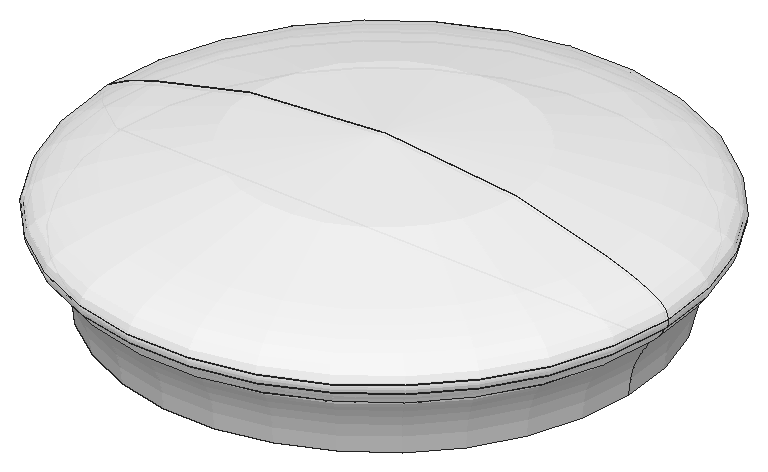
Revit family "0043410", category Lighting Devices, host Face, Revit 2023
Family settings
  Host = Face
  Round Connector Dimension = Use Diameter
  Part Type = Normal
  OmniClass Number = 23.80.70.00
  OmniClass Title = Lighting
  Cut with Voids When Loaded = No
  Maintain Annotation Orientation = No
  Shared = No
  Room Calculation Point = No
Parameters (values of type "START SURFACE IP54 MW 2500-4000 830/840")
  Weight = "1.13 kg"
  Wattage Comments = ""
  WarrantyStartDate [instance] = "n/a"
  WarrantyGuarantorParts = "n/a"
  WarrantyDurationUnit = "Years"
  WarrantyDurationParts = "5"
  WarrantyDescription = "http://www.sylvania-group.com"
  Voltage = 230 V
  URL = "http://www.sylvania-group.com"
  TypeName = "START Surface IP54 - 400mm"
  Type Image = <None>
  Type IFC Predefined Type = "IfcLightFixtureType"
  Type Comments = "n/a"
  SerialNumber [instance] = "n/a"
  Material_3_SYL = none
  PowerFactor = 0.8
  PowerConsumption = "34 W"
  NominalLength = NominalDepth  # 400 mm
  NominalHeight = if(NominalDepth = 300 mm, 94 mm, 105 mm)  # 105 mm
  NominalDepth = 400 mm
  Name = "START SURFACE IP54 MW 2500-4000 830/840"
  ModelReference = Name  # "START SURFACE IP54 MW 2500-4000 830/840"
  ModelNumber = "0043410"
  Model = Name  # "START SURFACE IP54 MW 2500-4000 830/840"
  Material = "Polycarbonate"
  ManufacturerName = Manufacturer  # "Feilo Sylvania"
  Manufacturer = "Feilo Sylvania"
  LuminousEfficacy = "118 lm/W"
  LuminaireType = "Ceiling / surface mounting"
  Light8_4000K_34W [instance] = (LightSettingControl = 8)  # no
  Light7_4000K_30W [instance] = (LightSettingControl = 7)  # no
  Light6_4000K_26W [instance] = (LightSettingControl = 6)  # no
  Light5_4000K_22W [instance] = (LightSettingControl = 5)  # no
  Light4_3000K_34W [instance] = (LightSettingControl = 4)  # no
  Light3_3000K_30W [instance] = (LightSettingControl = 3)  # no
  Light2_3000K_26W [instance] = (LightSettingControl = 2)  # no
  Light1_3000K_22W [instance] = (LightSettingControl = 1)  # yes
  LightSetting [instance] = 1
  LightOutputRatio = ""
  LampsType = Lamp  # "LED"
  LampNominalLuminous = "4000 lm"
  LampMacAdamStep = "6"
  LampColourTemperature = "3000/4000K"
  LampColourRenderingIndex = "80"
  Lamp = "LED"
  Keynote = "16500"
  InstallationDate [instance] = "n/a"
  InputVoltage = "220-240 V"
  InputNominalFrequency = "50/60Hz"
  IngressProtection = "IP54"
  ImpactProtectionIndex = "IK03"
  IfcExportType = "IfcLightFixtureType"
  IfcExportAs = "IfcLightFixtureType"
  Export Type to IFC As = "IfcLightFixtureType"
  ElectricShockClassification = "Class II"
  DocumentationLiterature = "https://www.sylvania-lighting.com/product/en-int/products/0043410/"
  DimmingControlOptions = "n/a"
  Material_2_SYL = PMMA Acrylic_Opal_4000K
  DiffuserRadius = if(NominalDepth = 300 mm, 150 mm, 200 mm)  # 200 mm
  Description = "Ceiling / wall luminaire with integrated LED. Perfect solution for hallways, circulation spaces or foyers. Body Size diameter 400mm. Besa mounting box compatible, hole distance 51 & 78mm. DualTone functionality enables switch between 3000K and 4000K colour temperatures. With the help of DIP Switch multiple lumen outputs can be set up in 4 steps (4000K: 22W 2500lm, 26W 3000lm, 30W 3500lm, 34W 4000lm). Efficacy up to 118lm/W. Supplied with integrated Microwave sensor for automatic on-off presence control. Non-dimmable. IK03, IP54. Low maintenance with lifespan 120,000 hours L70:B50."
  Default Elevation = 1219.2 mm
  CreatedOn = "27/08/2024"
  CreatedBy = "petra.pavlicz@sylvania-lighting.com"
  Cost = 0
  Coefficient of Utilization [instance] = 0
  ClassificationValue = "EF_70_80"
  ClassificationName = "Uniclass2015"
  Material_1_SYL = PC Polycarbonate_RAL 9003_Signal white
  BottomRadius = if(NominalDepth = 300 mm, 130 mm, 172 mm)  # 172 mm
  BodyRadius = if(NominalDepth = 300 mm, 140 mm, 186 mm)  # 186 mm
  BodyHeight = if(NominalDepth = 300 mm, 30 mm, 39.5 mm)  # 39.5 mm
  BarCode [instance] = "n/a"
  AssetType = "Fixed"
  AssetIdentifier [instance] = "n/a"
  Assembly Code = "D5020200"
  Material_4_SYL = none
  Apparent Load = 42.5 VA
  LightSettingControl [instance] = if(LightSetting < 1, 1, if(LightSetting > 8, 8, LightSetting))  # 1
Reference planes
  plane 1 "Center (Front/Back)": y = 0
  plane 2: z = 0
  plane 3 "Center (Left/Right)": x = 0
  plane 4: y = 200
  plane 5: y = -200
  plane 6: x = -200
  plane 7: x = 200
  plane 8 "Top": z = 105
  plane 9 "Body height": z = 39.5
  plane 10 "Bottom width": x = -172
  plane 11 "Body width": x = -186
  plane 12 "Void": z = 18.7
Forms (mm)
  Extrusion 1, solid, material "PMMA Acrylic_Opal_4000K" <- "Material_2_SYL", detail levels coarse
    sketch origin (0, 0, 0) x (1, 0, 0) y (0, 1, 0)
      loop
        circle (0, 0) r 200
    from 0 to 105
  Revolve 2, solid, material "PC Polycarbonate_RAL 9003_Signal white" <- "Material_1_SYL", detail levels medium+fine
    sketch origin (0, 0, 0) x (1, 0, 0) y (0, 0, 1)
      loop
        line (-172, 0) -> (0, 0) -> (0, 39.5) -> (-186, 39.5)
        spline (-186, 39.5) -> (-186.109, 38.543) -> (-185.648, 37.307) -> (-184.718, 35.748) -> (-183.421, 33.823) -> (-181.858, 31.487) -> (-180.13, 28.698) -> (-178.34, 25.412) -> (-176.588, 21.585) -> (-174.977, 17.174) -> (-173.607, 12.135) -> (-172.581, 6.425) -> (-172, 0)
      axis (0, 39.5) -> (0, 0)
    angle from 0 to 360
  Revolve 3, solid, material "PMMA Acrylic_Opal_4000K" <- "Material_2_SYL", detail levels medium+fine
    sketch origin (0, 0, 0) x (1, 0, 0) y (0, 0, 1)
      loop
        line (-186, 39.5) -> (0, 39.5) -> (0, 41.517) -> (-185.367, 41.517)
        spline (-185.367, 41.517) -> (-186.081, 41.477) -> (-186.74, 41.538) -> (-187.374, 41.722) -> (-188.011, 42.049) -> (-188.68, 42.54) -> (-189.41, 43.216) -> (-190.229, 44.097) -> (-191.166, 45.205) -> (-192.249, 46.561) -> (-193.508, 48.185) -> (-194.971, 50.097) -> (-196.666, 52.32)
        spline (-196.666, 52.32) -> (-196.915, 52.685) -> (-197.139, 53.057) -> (-197.337, 53.435) -> (-197.509, 53.82) -> (-197.655, 54.212) -> (-197.776, 54.611) -> (-197.871, 55.017) -> (-197.94, 55.43) -> (-197.984, 55.85) -> (-198.002, 56.276) -> (-197.994, 56.71) -> (-197.961, 57.15)
        spline (-197.961, 57.15) -> (-195.398, 62.805) -> (-188.98, 67.736) -> (-179.352, 72.201) -> (-167.154, 76.458) -> (-153.031, 80.765) -> (-137.417, 85.26) -> (-120.156, 89.746) -> (-100.985, 93.967) -> (-79.646, 97.664) -> (-55.875, 100.582) -> (-29.414, 102.463) -> (0, 103.051)
        line (0, 103.051) -> (0, 105)
        spline (0, 105) -> (-29.823, 104.298) -> (-56.766, 102.351) -> (-81.045, 99.395) -> (-102.875, 95.668) -> (-122.47, 91.406) -> (-140.044, 86.846) -> (-155.814, 82.225) -> (-169.903, 77.728) -> (-181.929, 73.241) -> (-191.329, 68.543) -> (-197.54, 63.416) -> (-200, 57.64)
        spline (-200, 57.64) -> (-200.022, 57.032) -> (-200.011, 56.433) -> (-199.966, 55.844) -> (-199.886, 55.266) -> (-199.773, 54.697) -> (-199.625, 54.139) -> (-199.444, 53.59) -> (-199.229, 53.052) -> (-198.979, 52.524) -> (-198.696, 52.006) -> (-198.379, 51.498) -> (-198.028, 51)
        spline (-198.028, 51) -> (-196.223, 48.634) -> (-194.666, 46.597) -> (-193.326, 44.869) -> (-192.173, 43.426) -> (-191.175, 42.247) -> (-190.304, 41.308) -> (-189.527, 40.589) -> (-188.815, 40.066) -> (-188.136, 39.718) -> (-187.462, 39.523) -> (-186.76, 39.457) -> (-186, 39.5)
      axis (0, 105) -> (0, 39.5)
    angle from 360 to 0
  Extrusion 4, void
    sketch origin (0, 0, 0) x (1, 0, 0) y (0, 1, 0)
      loop
        circle (0, 0) r 157.5
    from 0 to 18.7
Cuts and joins
  Extrusion 4 cuts Revolve 2
Dimensions and locks
  "NominalDepth": plane 4 to plane 5
  equal spacing: plane 4, plane 1 "Center (Front/Back)", plane 5
  "NominalLength": plane 6 to plane 7
  equal spacing: plane 6, plane 3 "Center (Left/Right)", plane 7
  "NominalHeight": plane 8 "Top" to plane 2
  "BottomRadius": plane 3 "Center (Left/Right)" to plane 10 "Bottom width"
  "BodyRadius": plane 3 "Center (Left/Right)" to plane 11 "Body width"
  "BodyHeight": plane 9 "Body height" to plane 2
  "DiffuserRadius": plane 3 "Center (Left/Right)" to plane 6
  locked: plane 12 "Void" to plane 2 at 18.7
  "NominalDepth": diameter of Extrusion 1 sketch curve
  diameter of cut or joined group of Revolve 2, Extrusion 4 = 315 mm
  aligned and locked: plane 2 to host face
  aligned and locked: level to host face
  aligned and locked: Extrusion 1 to plane 2
  aligned and locked: plane 8 "Top" to Extrusion 1
  aligned and locked: Revolve 2 sketch curve to plane 3 "Center (Left/Right)"
  aligned and locked: Revolve 2 to plane 9 "Body height"
  aligned and locked: Revolve 2 to plane 2
  aligned and locked: plane 10 "Bottom width" to Revolve 2 sketch curve
  aligned and locked: plane 11 "Body width" to Revolve 2 sketch curve
  aligned and locked: Revolve 2 sketch curve to plane 2
  aligned and locked: Revolve 2 sketch curve to plane 9 "Body height"
  aligned and locked: plane 8 "Top" to Revolve 3 sketch curve
  aligned and locked: plane 6 to Revolve 3 sketch curve
  aligned and locked: Revolve 3 sketch curve to plane 9 "Body height"
  aligned and locked: plane 11 "Body width" to Revolve 3 sketch curve
  aligned and locked: cut or joined group of Revolve 2, Extrusion 4 to plane 2
  aligned and locked: cut or joined group of Revolve 2, Extrusion 4 to plane 12 "Void"
  aligned and locked: plane 3 "Center (Left/Right)" to Extrusion 4 sketch curve
  aligned and locked: plane 1 "Center (Front/Back)" to Extrusion 4 sketch curve
  aligned and locked: plane 3 "Center (Left/Right)" to Revolve 3 sketch curve  (x2)
Automatic sketch dimensions
  host sketch curve to host sketch curve = 2438.4 mm  (x2)
  Revolve 2 sketch curve to plane 3 "Center (Left/Right)" = 0 mm
  Revolve 2 sketch curve to level = 609.6 mm
  plane 8 "Top" to Revolve 2 sketch curve = 2515.058 mm
  Revolve 3 sketch curve to plane 3 "Center (Left/Right)" = 0 mm
  plane 6 to Revolve 3 sketch curve = 1.972 mm
  plane 6 to Revolve 3 sketch curve = 2.039 mm
  Revolve 3 sketch curve to Revolve 3 sketch curve = 1.361 mm
  plane 11 "Body width" to Revolve 3 sketch curve = 0.633 mm
  plane 9 "Body height" to Revolve 3 sketch curve = 2.017 mm
  plane 9 "Body height" to Revolve 3 sketch curve = 11.5 mm
  Revolve 3 sketch curve to Revolve 3 sketch curve = 1.32 mm
  Revolve 3 sketch curve to Revolve 3 sketch curve = 4.83 mm
  Revolve 3 sketch curve to Revolve 3 sketch curve = 0.49 mm
  Revolve 3 sketch curve to plane 8 "Top" = 1.949 mm
  Revolve 3 sketch curve to level = 609.6 mm
  Revolve 3 sketch curve to Revolve 3 sketch curve = 2515.058 mm
  plane 1 "Center (Front/Back)" to Extrusion 1 sketch curve = 0 mm
  Extrusion 1 sketch curve to plane 3 "Center (Left/Right)" = 0 mm
  radius of Extrusion 4 sketch curve = 157.5 mm
Nested families
  nested 1: "0043410_3000K_22W_lightsource" at (0, 0, 105) x (-1, 0, 0) z (0, 0, 1), visible <- "Light1_3000K_22W", type "START SURFACE IP54 MW 2500-4000 830/840 lightsource"
    with built-in parameter 1114216 (empty or 0)
  nested 2: "0043410_3000K_26W_lightsource" at (0, 0, 105) x (-1, 0, 0) z (0, 0, 1), visible <- "Light2_3000K_26W", type "START SURFACE IP54 MW 2500-4000 830/840 lightsource"
    with built-in parameter 1114216 (empty or 0)
  nested 3: "0043410_3000K_30W_lightsource" at (0, 0, 105) x (-1, 0, 0) z (0, 0, 1), visible <- "Light3_3000K_30W", type "START SURFACE IP54 MW 2500-4000 830/840 lightsource"
    with built-in parameter 1114216 (empty or 0)
  nested 4: "0043410_3000K_34W_lightsource" at (0, 0, 105) x (-1, 0, 0) z (0, 0, 1), visible <- "Light4_3000K_34W", type "START SURFACE IP54 MW 2500-4000 830/840 lightsource"
    with built-in parameter 1114216 (empty or 0)
  nested 5: "0043410_4000K_22W_lightsource" at (0, 0, 105) x (-1, 0, 0) z (0, 0, 1), visible <- "Light5_4000K_22W", type "START SURFACE IP54 MW 2500-4000 830/840 lightsource"
    with built-in parameter 1114216 (empty or 0)
  nested 6: "0043410_4000K_26W_lightsource" at (0, 0, 105) x (-1, 0, 0) z (0, 0, 1), visible <- "Light6_4000K_26W", type "START SURFACE IP54 MW 2500-4000 830/840 lightsource"
    with built-in parameter 1114216 (empty or 0)
  nested 7: "0043410_4000K_30W_lightsource" at (0, 0, 105), visible <- "Light7_4000K_30W", type "START SURFACE IP54 MW 2500-4000 830/840 lightsource"
    with built-in parameter 1114216 (empty or 0)
  nested 8: "0043410_4000K_34W_lightsource" at (0, 0, 105) x (-1, 0, 0) z (0, 0, 1), visible <- "Light8_4000K_34W", type "START SURFACE IP54 MW 2500-4000 830/840 lightsource"
    with built-in parameter 1114216 (empty or 0)
Connectors
  electrical at (0, 0, 0), driven by "Apparent Load", driven by "PowerFactor", driven by "Voltage"
    settings: index 1, voltage 230 V, apparent load 42.5 VA, apparent load phase1 0 VA, apparent load phase2 0 VA, apparent load phase3 0 VA, power factor 0.8, load classification "Lighting", number of poles 1, system type 30, power factor state 1, is connector primary yes, connector utility no, sub classification motor no, connector description ""
Definition of nested family "0043410_3000K_22W_lightsource"
  Parameters (values of type "START SURFACE IP54 MW 2500-4000 830/840 lightsource")
    Wattage Comments = "n/a"
    Wattage = 22 W
    built-in parameter 1150110 = 1 (stored number, unit not read)
    URL = "http://www.sylvania-lighting.com"
    Type Image = (empty or 0)
    Type Comments = "n/a"
    built-in parameter 1114217 = 1 (stored number, unit not read)
    Tilt Angle = -90.00°
    built-in parameter 1150109 = 1 (stored number, unit not read)
    built-in parameter 1150134 = (empty or 0)
    built-in parameter 1150113 = 1 (stored number, unit not read)
    Photometric Web File = "0043410_3000K_22W.IES"
    built-in parameter 1150142 = "IESNA:LM-63-2002\r\n[TEST] 20231108003M-01\r\n[TESTLAB] \r\n[TESTDATE] 8 Nov 2023\r\n[ISSUEDATE] 8 Nov 2023\r\n[MANUFAC] SYLVANIA\r\n[LUMCAT] 0043410\r\n[LUMINAIRE] START Surface IP44 Multip MW 4000lm 830 840-3000K 4µµ\r\n[FLASHAREA] 0.030401\r\n[LAMPCAT] LED\r\n[LAMP] LED\r\nTILT=NONE\r\n1 2350.00 1.0 181 3 1 2 -0.400 -0.400 0.000\r\n1.00 1.00 22.00\r\n0.00 1.00 2.00 3.00 4.00 5.00 6.00 7.00 8.00 9.00 10.00 \r\n11.00 12.00 13.00 14.00 15.00 16.00 17.00 18.00 19.00 \r\n20.00 21.00 22.00 23.00 24.00 25.00 26.00 27.00 28.00 \r\n29.00 30.00 31.00 32.00 33.00 34.00 35.00 36.00 37.00 \r\n38.00 39.00 40.00 41.00 42.00 43.00 44.00 45.00 46.00 \r\n47.00 48.00 49.00 50.00 51.00 52.00 53.00 54.00 55.00 \r\n56.00 57.00 58.00 59.00 60.00 61.00 62.00 63.00 64.00 \r\n65.00 66.00 67.00 68.00 69.00 70.00 71.00 72.00 73.00 \r\n74.00 75.00 76.00 77.00 78.00 79.00 80.00 81.00 82.00 \r\n83.00 84.00 85.00 86.00 87.00 88.00 89.00 90.00 91.00 \r\n92.00 93.00 94.00 95.00 96.00 97.00 98.00 99.00 100.00 \r\n101.00 102.00 103.00 104.00 105.00 106.00 107.00 108.00 \r\n109.00 110.00 111.00 112.00 113.00 114.00 115.00 116.00 \r\n117.00 118.00 119.00 120.00 121.00 122.00 123.00 124.00 \r\n125.00 126.00 127.00 128.00 129.00 130.00 131.00 132.00 \r\n133.00 134.00 135.00 136.00 137.00 138.00 139.00 140.00 \r\n141.00 142.00 143.00 144.00 145.00 146.00 147.00 148.00 \r\n149.00 150.00 151.00 152.00 153.00 154.00 155.00 156.00 \r\n157.00 158.00 159.00 160.00 161.00 162.00 163.00 164.00 \r\n165.00 166.00 167.00 168.00 169.00 170.00 171.00 172.00 \r\n173.00 174.00 175.00 176.00 177.00 178.00 179.00 180.00 \r\n0.00 45.00 90.00 \r\n565.41 565.41 565.41 565.18 564.94 564.47 564.00 563.29 \r\n562.59 561.65 560.71 559.53 558.36 556.72 555.31 553.43 \r\n551.54 549.67 547.32 545.20 542.62 539.79 537.21 534.16 \r\n531.10 527.81 524.28 520.52 517.00 513.00 509.01 504.78 \r\n500.32 495.85 490.92 486.22 481.05 475.88 470.47 464.83 \r\n459.19 453.32 447.21 441.09 434.75 428.17 421.59 414.78 \r\n407.73 400.68 393.63 386.11 378.82 371.07 363.31 355.56 \r\n347.57 339.57 331.35 323.36 314.90 306.44 297.98 289.52 \r\n281.06 272.37 263.91 255.21 246.75 238.29 229.60 221.18 \r\n212.93 204.71 196.58 188.49 180.62 172.84 165.35 157.90 \r\n150.89 144.29 137.85 131.72 125.56 119.87 114.33 109.09 \r\n104.08 99.24 94.82 90.78 86.86 83.35 80.09 77.10 74.24 \r\n71.72 69.44 67.40 65.45 63.83 62.32 61.01 59.83 58.77 \r\n57.81 56.92 56.19 55.48 54.83 54.19 53.60 53.02 52.48 \r\n51.89 51.28 50.71 50.20 49.66 49.09 48.50 47.89 47.26 \r\n46.60 45.90 45.17 44.49 43.71 42.93 42.16 41.34 40.49 \r\n39.60 38.70 37.91 37.13 36.33 35.56 34.73 33.93 32.99 \r\n32.08 31.11 30.15 29.35 28.65 28.01 27.35 26.74 26.11 \r\n25.52 24.96 24.39 23.88 23.46 23.42 23.41 22.95 22.35 \r\n21.74 21.27 20.75 20.18 19.47 18.76 18.16 17.42 16.52 \r\n15.53 14.42 13.20 11.84 10.26 8.98 7.86 7.03 5.65 4.40 \r\n4.37 4.36 \r\n565.41 565.41 565.18 565.18 564.94 564.47 564.00 563.53 \r\n562.59 561.88 560.95 559.77 558.36 556.95 555.54 553.89 \r\n552.01 549.90 548.02 545.67 543.32 540.74 537.92 535.10 \r\n532.04 528.75 525.46 521.94 518.41 514.65 510.42 506.43 \r\n502.19 497.73 493.03 488.33 483.39 478.23 472.82 467.65 \r\n462.01 456.13 450.26 444.15 438.04 431.69 425.12 418.54 \r\n411.72 404.67 397.62 390.33 383.05 375.77 368.01 360.49 \r\n352.50 344.75 336.52 328.53 320.31 312.08 303.62 295.40 \r\n286.94 278.24 270.02 261.32 252.86 244.40 235.71 227.50 \r\n219.23 210.94 202.71 194.67 186.71 178.98 171.32 163.94 \r\n156.72 150.05 143.35 137.33 131.32 125.42 119.71 114.05 \r\n108.95 104.08 99.50 95.01 91.06 87.23 83.71 80.42 77.46 \r\n74.68 72.12 69.77 67.70 65.80 64.04 62.49 61.08 59.78 \r\n58.73 57.79 56.92 56.16 55.46 54.87 54.36 53.89 53.46 \r\n53.11 52.78 52.48 52.17 51.82 51.49 51.14 50.81 50.41 \r\n50.03 49.66 49.28 48.90 48.53 48.18 47.80 47.45 47.05 \r\n46.65 46.20 45.75 45.24 44.70 44.11 43.48 42.82 42.06 \r\n41.36 40.66 39.97 39.29 38.66 38.00 37.44 36.75 36.03 \r\n35.20 34.10 33.04 31.94 30.76 29.59 28.67 28.04 27.24 \r\n26.27 25.24 24.32 23.38 22.26 21.03 19.80 18.21 16.49 \r\n14.91 13.45 12.46 11.64 11.84 10.34 8.18 6.12 5.20 4.38 \r\n4.38 4.38 \r\n565.41 565.41 565.18 564.94 564.71 564.24 563.53 562.83 \r\n562.12 561.18 560.24 559.07 557.89 556.25 554.84 552.96 \r\n551.31 549.20 547.32 544.97 542.38 539.79 537.21 534.39 \r\n531.34 528.04 524.75 521.23 517.47 513.71 509.72 505.72 \r\n501.26 497.03 492.33 487.63 482.69 477.52 472.35 466.94 \r\n461.54 455.67 449.79 443.92 437.81 431.23 424.88 418.07 \r\n411.49 404.44 397.62 390.33 383.05 375.53 368.01 360.26 \r\n352.50 344.75 336.52 328.77 320.54 312.31 303.86 295.40 \r\n286.94 278.48 270.02 261.56 253.10 244.63 236.18 227.86 \r\n219.42 211.22 203.06 195.03 187.13 179.38 171.88 164.41 \r\n157.19 150.40 144.08 137.78 131.69 125.70 119.92 114.54 \r\n109.39 104.39 99.64 95.27 91.16 87.37 83.87 80.65 77.60 \r\n74.73 72.19 69.84 67.70 65.78 63.97 62.42 61.08 59.83 \r\n58.68 57.67 56.71 55.98 55.18 54.50 53.84 53.23 52.64 \r\n52.05 51.56 51.09 50.57 50.06 49.51 48.97 48.36 47.82 \r\n47.24 46.55 45.87 45.24 44.60 43.97 43.38 42.79 42.21 \r\n41.59 40.98 40.42 39.86 39.32 38.77 38.23 37.69 37.08 \r\n36.38 35.56 34.69 33.77 32.83 31.91 31.11 30.43 29.77 \r\n29.12 28.32 27.59 26.86 26.18 25.54 24.86 24.13 23.23 \r\n22.31 21.39 20.47 19.64 18.72 17.90 17.14 16.44 15.59 \r\n14.48 13.35 12.08 11.32 11.55 11.19 9.59 7.69 6.12 4.99 \r\n4.40 4.38 \r\n"
    Model = "START SURFACE IP54 MW 2500-4000 830/840 lightsource"
    Manufacturer = "Feilo Sylvania"
    built-in parameter 1150105 = 206.58 (stored number, unit not read)
    Lumens = 2596 lm
    built-in parameter 1150115 = 1 (stored number, unit not read)
    built-in parameter 1150137 = (empty or 0)
    built-in parameter 1150139 = (empty or 0)
    built-in parameter 1150112 = 1 (stored number, unit not read)
    built-in parameter 1150114 = 1 (stored number, unit not read)
    Lamp = "LED"
    Keynote = "16500"
    built-in parameter 1150132 = (empty or 0)
    built-in parameter 1150102 = 118
    built-in parameter 1150107 = 3000 (stored number, unit not read)
    built-in parameter 1150138 = (empty or 0)
    built-in parameter 1150106 = 2.0658 (stored number, unit not read)
    Emit from Circle Diameter = 400 mm  # constant formula
    Emit Shape Visible in Rendering = no
    built-in parameter 1150104 = 10.963 (stored number, unit not read)
    Dimming Lamp Color Temperature Shift = (empty or 0)
    Description = ""
    Default Elevation = 1219.2 mm
    Cost = 0
    Color Filter = 16777215
    built-in parameter 1114216 [instance] = (empty or 0)
    built-in parameter 1114218 = 1 (stored number, unit not read)
    built-in parameter 1150133 = 10 (stored number, unit not read)
    Assembly Code = "D5020200"
    Apparent Load = 0 VA
  Reference planes
    plane 1 "Center (Front/Back)": y = 0
    plane 2: z = 0
    plane 3 "Center (Left/Right)": x = 0
  Forms (mm)
    Extrusion 1, solid
      sketch origin (4.2, 0, 0) x (1, 0, 0) y (0, 1, 0)
        loop
          line (-1219.2, 1219.2) -> (-1219.2, -1219.2) -> (1219.2, -1219.2) -> (1219.2, 1219.2) -> (-1219.2, 1219.2)
      from 0 to -68.017
  Dimensions and locks
    aligned and locked: plane 2 to Extrusion 1
    aligned and locked: level to Extrusion 1
Definition of nested family "0043410_3000K_26W_lightsource"
  Parameters (values of type "START SURFACE IP54 MW 2500-4000 830/840 lightsource")
    Wattage Comments = "n/a"
    Wattage = 26 W
    built-in parameter 1150110 = 1 (stored number, unit not read)
    URL = "http://www.sylvania-lighting.com"
    Type Image = (empty or 0)
    Type Comments = "n/a"
    built-in parameter 1114217 = 1 (stored number, unit not read)
    Tilt Angle = -90.00°
    built-in parameter 1150109 = 1 (stored number, unit not read)
    built-in parameter 1150134 = (empty or 0)
    built-in parameter 1150113 = 1 (stored number, unit not read)
    Photometric Web File = "0043410_3000K_26W.IES"
    built-in parameter 1150142 = "IESNA:LM-63-2002\r\n[TEST] 20231108003M-01\r\n[TESTLAB] \r\n[TESTDATE] 8 Nov 2023\r\n[ISSUEDATE] 8 Nov 2023\r\n[MANUFAC] SYLVANIA\r\n[LUMCAT] 0043410\r\n[LUMINAIRE] START Surface IP44 Multip MW 4000lm 830 840-3000K 3µµ\r\n[FLASHAREA] 0.030401\r\n[LAMPCAT] LED\r\n[LAMP] LED\r\nTILT=NONE\r\n1 2800.00 1.0 181 3 1 2 -0.400 -0.400 0.000\r\n1.00 1.00 26.00\r\n0.00 1.00 2.00 3.00 4.00 5.00 6.00 7.00 8.00 9.00 10.00 \r\n11.00 12.00 13.00 14.00 15.00 16.00 17.00 18.00 19.00 \r\n20.00 21.00 22.00 23.00 24.00 25.00 26.00 27.00 28.00 \r\n29.00 30.00 31.00 32.00 33.00 34.00 35.00 36.00 37.00 \r\n38.00 39.00 40.00 41.00 42.00 43.00 44.00 45.00 46.00 \r\n47.00 48.00 49.00 50.00 51.00 52.00 53.00 54.00 55.00 \r\n56.00 57.00 58.00 59.00 60.00 61.00 62.00 63.00 64.00 \r\n65.00 66.00 67.00 68.00 69.00 70.00 71.00 72.00 73.00 \r\n74.00 75.00 76.00 77.00 78.00 79.00 80.00 81.00 82.00 \r\n83.00 84.00 85.00 86.00 87.00 88.00 89.00 90.00 91.00 \r\n92.00 93.00 94.00 95.00 96.00 97.00 98.00 99.00 100.00 \r\n101.00 102.00 103.00 104.00 105.00 106.00 107.00 108.00 \r\n109.00 110.00 111.00 112.00 113.00 114.00 115.00 116.00 \r\n117.00 118.00 119.00 120.00 121.00 122.00 123.00 124.00 \r\n125.00 126.00 127.00 128.00 129.00 130.00 131.00 132.00 \r\n133.00 134.00 135.00 136.00 137.00 138.00 139.00 140.00 \r\n141.00 142.00 143.00 144.00 145.00 146.00 147.00 148.00 \r\n149.00 150.00 151.00 152.00 153.00 154.00 155.00 156.00 \r\n157.00 158.00 159.00 160.00 161.00 162.00 163.00 164.00 \r\n165.00 166.00 167.00 168.00 169.00 170.00 171.00 172.00 \r\n173.00 174.00 175.00 176.00 177.00 178.00 179.00 180.00 \r\n0.00 45.00 90.00 \r\n673.40 673.40 673.12 673.12 672.84 672.28 671.72 670.88 \r\n670.32 668.92 667.80 666.40 664.72 663.04 660.80 658.84 \r\n656.60 654.08 651.56 648.76 645.68 642.60 639.24 635.88 \r\n631.96 628.04 623.84 619.64 615.16 610.40 605.36 600.32 \r\n595.00 589.68 584.08 578.20 572.04 565.88 559.16 552.72 \r\n545.72 538.72 531.72 524.44 516.60 509.04 500.92 492.80 \r\n484.40 476.00 467.32 458.64 449.68 440.44 431.20 421.96 \r\n412.44 402.92 393.12 383.32 373.52 363.44 353.36 343.28 \r\n332.92 322.84 312.76 302.96 293.16 283.36 273.22 263.17 \r\n253.32 243.52 233.72 224.36 214.93 205.69 196.81 188.38 \r\n180.38 172.56 165.03 157.64 150.42 143.44 136.72 130.40 \r\n124.40 118.64 113.51 108.53 104.08 99.90 96.01 92.37 \r\n89.04 86.04 83.16 80.67 78.40 76.38 74.51 72.91 71.51 \r\n70.20 69.08 68.12 67.14 66.30 65.49 64.74 64.01 63.34 \r\n62.66 61.94 61.21 60.56 59.92 59.28 58.63 57.90 57.18 \r\n56.42 55.61 54.80 53.96 53.09 52.19 51.24 50.32 49.34 \r\n48.38 47.35 46.23 45.28 44.27 43.32 42.34 41.36 40.43 \r\n39.40 38.28 37.10 35.98 34.92 34.05 33.26 32.51 31.81 \r\n31.02 30.32 29.65 28.98 28.34 27.85 27.79 27.80 27.25 \r\n26.51 25.79 25.23 24.62 23.92 23.10 22.24 21.55 20.64 \r\n19.57 18.38 17.07 15.64 13.99 12.14 10.60 9.24 8.26 6.68 \r\n5.29 5.28 5.25 \r\n673.40 673.40 673.12 673.12 672.84 672.28 671.72 670.88 \r\n670.04 669.20 667.80 666.40 665.00 663.32 661.36 659.40 \r\n657.16 654.92 652.40 649.60 646.80 643.72 640.64 637.00 \r\n633.36 629.44 625.52 621.32 617.12 612.64 607.88 602.84 \r\n598.08 593.32 588.84 582.68 576.52 570.08 563.92 557.48 \r\n550.76 544.04 536.76 529.76 522.20 514.64 506.80 498.96 \r\n490.56 482.44 474.04 465.36 456.68 447.72 438.76 429.52 \r\n420.00 410.76 400.96 391.44 381.92 371.56 362.04 351.68 \r\n341.88 331.52 321.44 311.36 301.28 290.92 280.84 270.84 \r\n260.99 251.10 241.42 231.90 222.35 213.16 204.04 195.33 \r\n186.87 178.92 171.22 163.94 156.80 149.94 143.02 136.36 \r\n130.12 124.26 118.80 113.57 108.86 104.27 100.10 96.21 \r\n92.54 89.21 86.21 83.44 80.84 78.54 76.52 74.70 73.00 \r\n71.46 70.11 68.94 67.98 67.12 66.30 65.60 64.99 64.43 \r\n63.95 63.50 63.11 62.72 62.36 61.96 61.54 61.12 60.73 \r\n60.26 59.81 59.36 58.91 58.46 58.02 57.60 57.12 56.67 \r\n56.22 55.75 55.19 54.66 54.07 53.40 52.70 51.94 51.13 \r\n50.26 49.42 48.52 47.71 46.93 46.14 45.39 44.66 43.85 \r\n42.95 41.86 40.54 39.28 37.97 36.57 35.22 34.10 33.35 \r\n32.40 31.25 30.02 28.92 27.81 26.45 24.99 23.39 21.53 \r\n19.48 17.68 16.00 14.80 13.83 14.04 12.18 9.70 7.34 6.27 \r\n5.30 5.27 5.27 \r\n673.40 673.40 673.12 672.84 672.28 672.00 671.16 670.32 \r\n669.48 668.36 667.24 665.84 664.16 662.48 660.80 658.84 \r\n656.60 654.08 651.56 648.76 645.96 643.16 639.52 636.44 \r\n632.80 628.88 624.96 620.76 616.28 611.80 607.04 602.00 \r\n596.96 591.64 586.32 580.44 574.56 568.68 562.24 555.80 \r\n549.36 542.36 535.64 528.64 521.08 513.24 505.40 497.56 \r\n489.72 481.60 473.20 464.80 455.84 446.88 437.92 428.68 \r\n419.44 410.20 400.68 391.16 381.36 371.56 361.48 351.40 \r\n341.32 331.24 321.44 311.36 301.56 291.76 281.96 272.02 \r\n261.91 252.25 242.40 232.93 223.52 214.26 205.24 196.25 \r\n187.74 179.59 172.00 164.44 157.19 150.11 143.25 136.84 \r\n130.65 124.63 118.94 113.71 108.86 104.41 100.24 96.38 \r\n92.68 89.32 86.24 83.38 80.84 78.57 76.55 74.62 73.00 \r\n71.51 70.17 69.02 67.96 67.00 66.02 65.21 64.46 63.73 \r\n63.03 62.36 61.77 61.21 60.62 60.00 59.36 58.72 58.02 \r\n57.37 56.67 55.86 55.08 54.32 53.56 52.86 52.16 51.44 \r\n50.68 49.95 49.22 48.55 47.85 47.21 46.54 45.86 45.19 \r\n44.46 43.62 42.62 41.64 40.57 39.51 38.39 37.38 36.57 \r\n35.81 35.00 34.08 33.18 32.31 31.50 30.72 29.93 29.01 \r\n27.92 26.77 25.67 24.55 23.56 22.49 21.48 20.57 19.75 \r\n18.67 17.40 16.02 14.51 13.58 13.90 13.40 11.50 9.17 7.32 \r\n6.01 5.29 5.27 \r\n"
    Model = "START SURFACE IP54 MW 2500-4000 830/840 lightsource"
    Manufacturer = "Feilo Sylvania"
    built-in parameter 1150105 = 244.14 (stored number, unit not read)
    Lumens = 3068 lm
    built-in parameter 1150115 = 1 (stored number, unit not read)
    built-in parameter 1150137 = (empty or 0)
    built-in parameter 1150139 = (empty or 0)
    built-in parameter 1150112 = 1 (stored number, unit not read)
    built-in parameter 1150114 = 1 (stored number, unit not read)
    Lamp = "LED"
    Keynote = "16500"
    built-in parameter 1150132 = (empty or 0)
    built-in parameter 1150102 = 118
    built-in parameter 1150107 = 3000 (stored number, unit not read)
    built-in parameter 1150138 = (empty or 0)
    built-in parameter 1150106 = 2.4414 (stored number, unit not read)
    Emit from Circle Diameter = 400 mm  # constant formula
    Emit Shape Visible in Rendering = no
    built-in parameter 1150104 = 10.963 (stored number, unit not read)
    Dimming Lamp Color Temperature Shift = (empty or 0)
    Description = ""
    Default Elevation = 1219.2 mm
    Cost = 0
    Color Filter = 16777215
    built-in parameter 1114216 [instance] = (empty or 0)
    built-in parameter 1114218 = 1 (stored number, unit not read)
    built-in parameter 1150133 = 10 (stored number, unit not read)
    Assembly Code = "D5020200"
    Apparent Load = 0 VA
  Reference planes
    plane 1 "Center (Front/Back)": y = 0
    plane 2: z = 0
    plane 3 "Center (Left/Right)": x = 0
  Forms (mm)
    Extrusion 1, solid
      sketch origin (4.2, 0, 0) x (1, 0, 0) y (0, 1, 0)
        loop
          line (-1219.2, 1219.2) -> (-1219.2, -1219.2) -> (1219.2, -1219.2) -> (1219.2, 1219.2) -> (-1219.2, 1219.2)
      from 0 to -68.017
  Dimensions and locks
    aligned and locked: plane 2 to Extrusion 1
    aligned and locked: level to Extrusion 1
Definition of nested family "0043410_3000K_30W_lightsource"
  Parameters (values of type "START SURFACE IP54 MW 2500-4000 830/840 lightsource")
    Wattage Comments = "n/a"
    Wattage = 3000 W
    built-in parameter 1150110 = 1 (stored number, unit not read)
    URL = "http://www.sylvania-lighting.com"
    Type Image = (empty or 0)
    Type Comments = "n/a"
    built-in parameter 1114217 = 1 (stored number, unit not read)
    Tilt Angle = -90.00°
    built-in parameter 1150109 = 1 (stored number, unit not read)
    built-in parameter 1150134 = (empty or 0)
    built-in parameter 1150113 = 1 (stored number, unit not read)
    Photometric Web File = "0043410_3000K_30W.IES"
